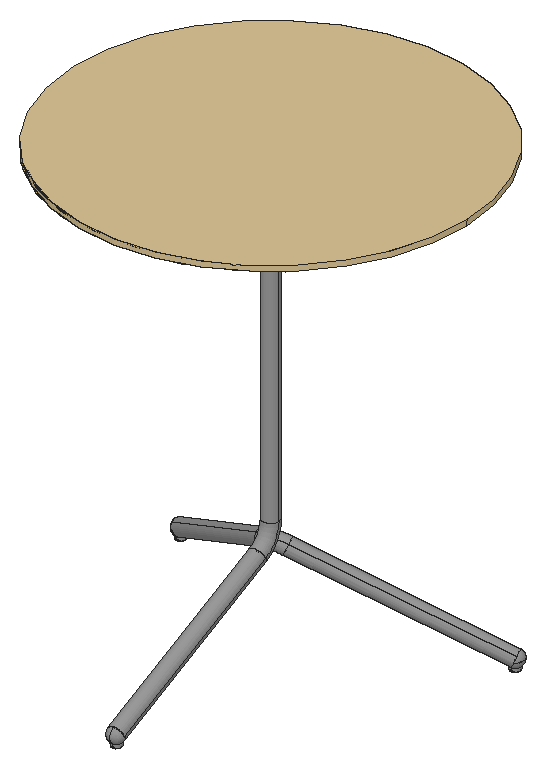
Revit family "Kiwi tavolo", category Arredi, Revit 2017
Family settings
  Numero OmniClass = 23.40.20.00
  Titolo OmniClass = General Furniture and Specialties
  Basato su piano di lavoro = No
  Sempre verticale = Sì
  Taglio con vuoti quando caricato = No
  Condiviso = No
  Punto di calcolo locali = No
Parameters (values of type "Diam.39 - h.45")
  URL = "http://www.livingdivani.it"
  Modello = "Kiwi"
  Mat. Tessuto = Lino - Beige
  Mat. Struttura = Acciaio - Lucido
  Produttore = "LivingDivani"
  Mat. Piano = Marmo
  Diam.43 - h.31 = no
  Diam.39 - h.45 = yes
  Codice Prodotto = "KIWV039"
Types (2, lengths in cm): name | Diam.43 - h.31 | Diam.39 - h.45 | Codice Prodotto
  Diam.39 - h.45 | no | yes | "KIWV039"
  Diam.43 - h.31 | yes | no | "KIWV043"
Reference planes (cm)
  plane 1 "Centro (Fronte/Retro)": y = 0
  plane 2: z = 0
  plane 3 "Centro (Sinistra/Destra)": x = 0
  plane 4 "diagonale": through (426.72, 29, 68) normal (0, 0.0613, -0.9981)
  plane 5: z = 45.294
  plane 6: z = 44.794
  plane 7: z = 43.294
  plane 8 "diagonale1": through (0, 9.6364, 1.0135) normal (0, 0.6887, 0.7251)
  plane 9: through (0, 14.5431, -3.6471) normal (0, 0.6887, 0.7251)
  plane 10 "piedino": z = 1.0481
  plane 11: z = 30.6658
  plane 12: z = 30.1658
  plane 13: z = 28.6658
Forms (cm)
  Extrusion 1, solid, visible <- "Diam.39 - h.45"
    sketch origin (0, 0, 39.5) x (0, -1, 0) y (1, 0, 0)
      loop
        circle (0, 0) r 19.5
    from 5.294 to 5.794
  Blend 2, solid, visible <- "Diam.39 - h.45"
    base sketch origin (0, 0, 39.5) x (0, -1, 0) y (1, 0, 0)
      loop
        circle (0, 0) r 14.5
    top sketch origin (0, 0, 39.5) x (0, -1, 0) y (1, 0, 0)
      loop
        circle (0, 0) r 19.5
    from 3.794 to 5.294
  Revolve 3, solid, material "Acciaio - Lucido" <- "Mat. Struttura"
    sketch origin (0, -28.8, 0) x (0, 1, 0) y (0, 0, 1)
      loop
        line (9.6, 0.35) -> (9.6, 0)
        arc (9.6, 0) -> (9.8115, 0.0096) -> (10.0212, 0.0384) r 2.329
        arc (10.0212, 0.0384) -> (10.0545, 0.0576) -> (10.0683, 0.0934) r 0.0575
        line (10.0683, 0.0934) -> (10.075, 0.35) -> (9.6, 0.35)
      axis (9.6, 0) -> (9.6, 0.35)
    angle from 0 to 360
  Revolve 4, solid, material "Acciaio - Lucido" <- "Mat. Struttura"
    sketch origin (-16.6277, 0, 0) x (0, 1, 0) y (0, 0, 1)
      loop
        line (9.6, 0.35) -> (9.6, 0)
        arc (9.6, 0) -> (9.8115, 0.0096) -> (10.0212, 0.0384) r 2.329
        arc (10.0212, 0.0384) -> (10.0545, 0.0576) -> (10.0683, 0.0934) r 0.0575
        line (10.0683, 0.0934) -> (10.075, 0.35) -> (9.6, 0.35)
      axis (9.6, 0) -> (9.6, 0.35)
    angle from 0 to 360
  Revolve 5, solid, material "Acciaio - Lucido" <- "Mat. Struttura"
    sketch origin (16.6277, 0, 0) x (0, 1, 0) y (0, 0, -1)
      loop
        line (9.6, -0.35) -> (10.075, -0.35) -> (10.0683, -0.0934)
        arc (10.0683, -0.0934) -> (10.0545, -0.0576) -> (10.0212, -0.0384) r 0.0575
        arc (10.0212, -0.0384) -> (9.8115, -0.0096) -> (9.6, 0) r 2.329
        line (9.6, 0) -> (9.6, -0.35)
      axis (9.6, 0) -> (9.6, -0.35)
    angle from 0 to 360
  Sweep 6, solid, material "Acciaio - Lucido" <- "Mat. Struttura", visible <- "Diam.39 - h.45"
    path origin (0, 0, 0) x (0, 1, 0) y (0, 0, 1)
      loop
        line (0, 43.294) -> (0, 11.8946)
        arc (0, 11.8946) -> (-0.4542, 10.3365) -> (-1.6744, 9.2663) r 2.9
        line (-1.6744, 9.2663) -> (-19.2, 1.094)
    profile origin (0, 0, 27.5943) x (1, 0, 0) y (0, 1, 0)
      loop
        circle (0, 0) r 0.8
  Revolve 7, solid, material "Acciaio - Lucido" <- "Mat. Struttura"
    sketch origin (0, 0, 0) x (0, 1, 0) y (0, 0, 1)
      loop
        arc (-19.5381, 1.8191) -> (-19.9518, 1.3676) -> (-19.925, 0.7559) r 0.8
        line (-19.925, 0.7559) -> (-19.2, 1.094) -> (-19.5381, 1.8191)
      axis (-19.2, 1.094) -> (-19.925, 0.7559)
    angle from 0 to 360
  Sweep 8, solid, material "Acciaio - Lucido" <- "Mat. Struttura"
    path in 3D
      loop
        line (16.6277, 9.6, 1.0481) -> (1.1206, 0.6555, 9.544)
        arc (1.1206, 0.6555, 9.544) -> (0, 0.3717, 9.8136) -> (-1.1206, 0.6555, 9.544) r 1.8
        line (-1.1206, 0.6555, 9.544) -> (-16.6277, 9.6, 1.0481)
    profile origin (8.8741, 5.1277, 5.2961) x (0.62256, -0.567408, 0.538951) y (0, 0.688691, 0.725055)
      loop
        circle (0, 0) r 0.8
  Revolve 9, solid, material "Acciaio - Lucido" <- "Mat. Struttura"
    sketch origin (0, 0, 1.0481) x (0, 1, 0) y (-1, 0, 0)
      loop
        arc (10.4, 16.6277) -> (9.6, 17.4277) -> (8.8, 16.6277) r 0.8
        line (8.8, 16.6277) -> (10.4, 16.6277)
      axis (10.4, 16.6277) -> (8.8, 16.6277)
    angle from 0 to 360
  Revolve 10, solid, material "Acciaio - Lucido" <- "Mat. Struttura"
    sketch origin (0, 0, 1.0481) x (0, 1, 0) y (1, 0, 0)
      loop
        arc (10.4, 16.6277) -> (9.6, 17.4277) -> (8.8, 16.6277) r 0.8
        line (8.8, 16.6277) -> (10.4, 16.6277)
      axis (10.4, 16.6277) -> (8.8, 16.6277)
    angle from 0 to 360
  Extrusion 11, solid, visible <- "Diam.43 - h.31"
    sketch origin (0, 0, 34.5) x (0, -1, 0) y (1, 0, 0)
      loop
        circle (0, 0) r 21.5
    from -4.3342 to -3.8342
  Blend 12, solid, visible <- "Diam.43 - h.31"
    base sketch origin (0, 0, 34.5) x (0, -1, 0) y (1, 0, 0)
      loop
        circle (0, 0) r 16.5
    top sketch origin (0, 0, 34.5) x (0, -1, 0) y (1, 0, 0)
      loop
        circle (0, 0) r 21.5
    from -5.8342 to -4.3342
  Sweep 13, solid, material "Acciaio - Lucido" <- "Mat. Struttura", visible <- "Diam.43 - h.31"
    path origin (0, 0, 0) x (0, 1, 0) y (0, 0, 1)
      loop
        line (0, 28.6658) -> (0, 11.8946)
        arc (0, 11.8946) -> (-0.4542, 10.3365) -> (-1.6744, 9.2663) r 2.9
        line (-1.6744, 9.2663) -> (-19.2, 1.094)
    profile origin (0, 0, 20.2802) x (1, 0, 0) y (0, 1, 0)
      loop
        circle (0, 0) r 0.8
Cuts and joins
  joined: Sweep 8, Revolve 9, Revolve 10
Lines and regions (cm)
  sketch lines
    curve 1: line (16.6277, 9.6, 1.0481) -> (1.1206, 0.6555, 9.544)
    curve 2: arc (1.1206, 0.6555, 9.544) -> (0, 0.3717, 9.8136) -> (-1.1206, 0.6555, 9.544) r 1.8
    curve 3: line (-16.6277, 9.6, 1.0481) -> (-1.1206, 0.6555, 9.544)
Dimensions and locks (cm)
  aligned and locked: level to plane 2
  aligned and locked: Extrusion 1 to plane 6
  aligned and locked: plane 5 to Extrusion 1
  aligned and locked: Blend 2 to plane 7
  aligned and locked: plane 6 to Blend 2
  aligned and locked: plane 7 to Sweep 6 sketch curve
  aligned and locked: Blend 12 to plane 13
  aligned and locked: plane 12 to Blend 12
  aligned and locked: Extrusion 11 to plane 12
  aligned and locked: plane 11 to Extrusion 11
  aligned and locked: plane 13 to Sweep 13 sketch curve
